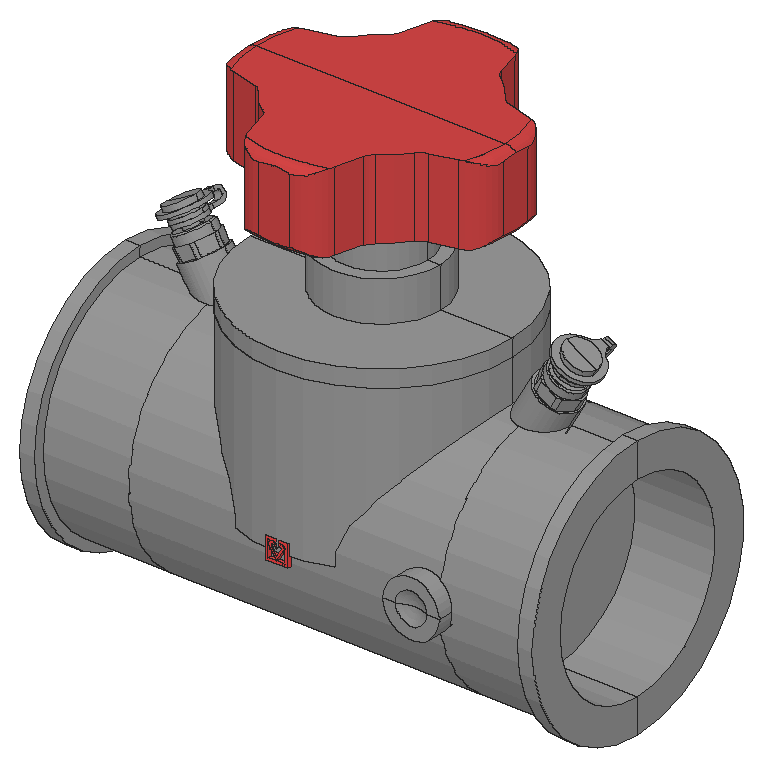
Revit family "Strangregulierventil für Differenzdruckmessung, Geradsitzform 4217 GM", category Rohrzubehör, Revit 2019
Family settings
  Bemaßung runder Anschluss = Durchmesser verwenden
  Teiletyp = Unterbricht
  OmniClass-Nummer = 23.65.55.14
  OmniClass-Titel = Valves for Liquid Services
  Arbeitsebenenbasiert = Nein
  Immer vertikal = Ja
  Beim Laden mit Abzugskörper schneiden = Nein
  Gemeinsam genutzt = Nein
Parameters
  kvs-Wert [instance] = if(Nennweite = 15.00 mm, 6.05, if(Nennweite = 20.00 mm, 6.11, if(Nennweite = 25.00 mm, 9.22, if(Nennweite = 32.00 mm, 18.83, if(Nennweite = 40.00 mm, 23.29, if(Nennweite = 50.00 mm, 35.26, if(Nennweite = 65.00 mm, 52.11, if(Nennweite = 80.00 mm, 76.1, 0))))))))  # 76.1
  W02 = 60.00°  # constant formula
  W01 = 30.00°  # constant formula
  URL = "www.herz-armaturen.at"
  SC_NennweiteBerechnet = 0
  SC_Dimension = ""
  SCRNSEQ = "ARM;ARM_TYP=\"STRV\";2"
  SCRNCODE = "05;07;02"  # constant formula
  S02 = 60.00 mm  # constant formula
  S01 [instance] = H00 + H01  # 119.31 mm
  R01 [instance] = size_lookup("4217_GM_", "R1", 1.00 mm, Nennweite)  # 53.00 mm
  Nennweite [instance] = 80.00 mm
  Medium = "Heizwasserqualität entsprechend ÖNORM H 5195 bzw. VDI-Richtlinie 2035.\r\nDie Verwendung von Ethylen- und Propylenglykol ist im Mischungsverhältnis 25 - 50 Vol. % zulässig."
  Max. Betriebstemperatur (bis DN32) = 130 °C  # constant formula
  Max. Betriebstemperatur (ab DN40) = 110 °C  # constant formula
  Max. Betriebsdruck = 1600000.0 Pa  # constant formula
  ML02 [instance] = size_lookup("4217_GM_", "ML2", 1.00 mm, Nennweite)  # 70.50 mm
  ML01 [instance] = size_lookup("4217_GM_", "ML1", 1.00 mm, Nennweite)  # 37.35 mm
  MD01 = 9.50 mm  # constant formula
  L02 [instance] = size_lookup("4217_GM_", "L2", 1.00 mm, Nennweite)  # 6.00 mm
  L01 [instance] = size_lookup("4217_GM_", "L1", 1.00 mm, Nennweite)  # 41.30 mm
  L00 [instance] = size_lookup("4217_GM_", "L", 1.00 mm, Nennweite)  # 210.00 mm
  IG [instance] = Nennweite / 2  # 40.00 mm
  Hersteller = "HERZ Armaturen Ges.m.b.H."  # constant formula
  H04 [instance] = size_lookup("4217_GM_", "H4", 1.00 mm, Nennweite)  # 19.00 mm
  H03 = 10.00 mm  # constant formula
  H02 [instance] = size_lookup("4217_GM_", "H2", 1.00 mm, Nennweite)  # 7.00 mm
  H01 [instance] = size_lookup("4217_GM_", "H1", 1.00 mm, Nennweite)  # 52.60 mm
  H00 [instance] = size_lookup("4217_GM_", "H", 1.00 mm, Nennweite)  # 66.71 mm
  Gewicht [instance] = if(Nennweite = 15.00 mm, "0.85 kg", if(Nennweite = 20.00 mm, "1.22 kg", if(Nennweite = 25.00 mm, "1.55 kg", if(Nennweite = 32.00 mm, "1.88 kg", if(Nennweite = 40.00 mm, "2.34 kg", if(Nennweite = 50.00 mm, "3.74 kg", if(Nennweite = 65.00 mm, "5.23 kg", if(Nennweite = 80.00 mm, "6.97 kg", "0 kg"))))))))  # "6.97 kg"
  Gehäuse = "DZR-Messing"  # constant formula
  GT [instance] = size_lookup("4217_GM_", "GT", 1.00 mm, Nennweite)  # 33.30 mm
  Einbaulage = "Bedingt durch die senkrecht zur Ventilachse angeordnete, nichtsteigende Ventilspindel ist für jede Einbaulage optimale Zugängigkeit und Bedienbarkeit des Ventils gewährleistet."
  Differenzdruckmessung = "STRÖMAX-GM Strangregulierventil ist mit zwei Messventilen ausgestattet.\r\nBei Verwendung eines geeigneten Messgerätes kann der Differenzdruck gemessen und dadurch die jeweilige Durchflussmenge in Abhängigkeit der Einstellstufe ermittelt werden.\r\nAm HERZ-Messcomputer (1 8900 05) ist außerdem direkt die jeweilige Durchflussmenge ablesbar."
  DN80 [instance] = Nennweite = 80.00 mm  # yes
  DN65 [instance] = Nennweite = 65.00 mm  # no
  DN50_DN80 [instance] = or(Nennweite = 50.00 mm, Nennweite = 65.00 mm, Nennweite = 80.00 mm)  # yes
  DN50-DN80 [instance] = H00 + H01  # 119.31 mm
  DN50 [instance] = Nennweite = 50.00 mm  # no
  DN40 [instance] = Nennweite = 40.00 mm  # no
  DN32 [instance] = Nennweite = 32.00 mm  # no
  DN25 [instance] = Nennweite = 25.00 mm  # no
  DN20 [instance] = Nennweite = 20.00 mm  # no
  DN15_DN40 [instance] = or(Nennweite = 15.00 mm, Nennweite = 20.00 mm, Nennweite = 25.00 mm, Nennweite = 32.00 mm, Nennweite = 40.00 mm)  # no
  DN15-DN40 [instance] = H00 + H01  # 119.31 mm
  DN15 [instance] = Nennweite = 15.00 mm  # no
  D06 [instance] = size_lookup("4217_GM_", "D6", 1.00 mm, Nennweite)  # 24.30 mm
  D05 [instance] = size_lookup("4217_GM_", "D5", 1.00 mm, Nennweite)  # 19.00 mm
  D04 = 9.00 mm  # constant formula
  D03 [instance] = size_lookup("4217_GM_", "D3", 1.00 mm, Nennweite)  # 53.80 mm
  D02 [instance] = size_lookup("4217_GM_", "D2", 1.00 mm, Nennweite)  # 54.00 mm
  D01 [instance] = size_lookup("4217_GM_", "D1", 1.00 mm, Nennweite)  # 50.00 mm
  Bestellnummer [instance] = size_lookup("4217_GM_", "Artnr", 0, Nennweite)  # 1421708
  Ausführung = "STRÖMAX-GM Strangregulierventil mit Messventilen, 1/2′′ – 3′′\r\nGeradesitzform, gelbe Ausführung, Muffe x Muffe, nichtsteigende Spindel, Spindelabdichtung durch Doppel-O-Ring,Voreinstellung durch Hubbegrenzung mittels Innenspindel, digitale Anzeige der Voreinstellstufe im Handradfenster.\r\n2 Messventile sind neben dem Handrad montiert."
  Anwendungen = "Zum hydraulischen Abgleich in Heiz- oder Kühlanlagen, Einregulieren von Verteilleitungen, Strängen, Wärmetauschern, Heiz- und Kühlregistern."
Reference planes
  plane 1 "Mitte (Vorne/hinten)": y = 0
  plane 2: z = 0
  plane 3 "Mitte (Links/rechts)": x = 0
Forms (mm)
  Revolve 1, solid, material "Messing, weicher Gelbton, geschweißt", detail levels fine
    sketch origin (0, 0, 0) x (1, 0, 0) y (0, 0, 1)
      loop
        line (-105, 54) -> (-105, 40) -> (-71.7, 40) -> (-71.7, 0) -> (71.7, 0) -> (71.7, 40) -> (105, 40) -> (105, 54) -> (99, 54) -> (99, 50) -> (63.7, 50)
        arc (63.7, 50) -> (0, 53) -> (-63.7, 50) r 677.782
        line (-63.7, 50) -> (-99, 50) -> (-99, 54) -> (-105, 54)
      axis (-105, 0) -> (105, 0)
    angle from 0 to 360
  Revolve 2, solid, material "Messing, weicher Gelbton, geschweißt", detail levels fine
    sketch origin (0, 0, 0) x (1, 0, 0) y (0, 0, 1)
      loop
        line (37.35, 0) -> (72.6, 61.055) -> (64.373, 65.805) -> (29.123, 4.75) -> (37.35, 0)
      axis (37.35, 0) -> (72.6, 61.055)
    angle from 0 to 360
  Revolve 3, solid, material "Messing, weicher Gelbton, geschweißt", detail levels fine
    sketch origin (0, 0, 0) x (1, 0, 0) y (0, 0, 1)
      loop
        line (0, 0) -> (0, 66.71) -> (-53.8, 66.71) -> (-53.8, 0) -> (0, 0)
      axis (0, 66.71) -> (0, 0)
    angle from 0 to 360
  Revolve 4, solid, material "Messing, weicher Gelbton, geschweißt", detail levels fine
    sketch origin (0, 0, 0) x (-1, 0, 0) y (0, 0, 1)
      loop
        line (37.35, 0) -> (72.6, 61.055) -> (64.373, 65.805) -> (29.123, 4.75) -> (37.35, 0)
      axis (37.35, 0) -> (72.6, 61.055)
    angle from 0 to 360
  Revolve 5, solid, material "Messing, weicher Gelbton, geschweißt", visible <- "DN65", detail levels fine
    sketch origin (0, 0, 0) x (1, 0, 0) y (0, 1, 0)
      loop
        line (60, 47.945) -> (60, -47.945)
        arc (60, -47.945) -> (63.368, -48.598) -> (66.5, -50) r 15
        line (66.5, -50) -> (71.5, -50) -> (71.5, 50) -> (66.5, 50)
        arc (66.5, 50) -> (63.368, 48.598) -> (60, 47.945) r 15
      axis (60, 50) -> (60, -50)
    angle from 0 to 360
  Revolve 6, solid, material "Messing, weicher Gelbton, geschweißt", detail levels fine
    sketch origin (0, 0, 0) x (1, 0, 0) y (0, 0, 1)
      loop
        line (0, 66.71) -> (0, 119.31) -> (-9, 119.31) -> (-9, 109.31) -> (-19, 109.31) -> (-19, 90.31) -> (-24.3, 90.31) -> (-24.3, 73.71) -> (-53.8, 73.71) -> (-53.8, 66.71) -> (0, 66.71)
      axis (0, 119.31) -> (0, 66.71)
    angle from 0 to 360
  Revolve 7, solid, material "Messing, weicher Gelbton, geschweißt", visible <- "DN80", detail levels fine
    sketch origin (0, 0, 0) x (1, 0, 0) y (0, 1, 0)
      loop
        line (57, 53.945) -> (57, -53.945)
        arc (57, -53.945) -> (60.368, -54.598) -> (63.5, -56) r 15
        line (63.5, -56) -> (68.5, -56) -> (68.5, 56) -> (63.5, 56)
        arc (63.5, 56) -> (60.368, 54.598) -> (57, 53.945) r 15
      axis (57, 56) -> (57, -56)
    angle from 0 to 360
Lines and regions (mm)
  model lines, detail levels coarse+medium
    curve 1: line (-105, 0, 54) -> (-105, 0, -54)
    curve 2: line (-105, 0, -54) -> (105, 0, 54)
    curve 3: line (105, 0, 54) -> (105, 0, -54)
    curve 4: line (105, 0, -54) -> (-105, 0, 54)
    curve 5: line (0, 0, 0) -> (68.884, 0, 119.31)
    curve 6: line (42.903, 0, 134.31) -> (94.864, 0, 104.31)
    curve 7: line (-105, 54, 0) -> (-105, -54, 0)
    curve 8: line (-105, -54, 0) -> (105, 54, 0)
    curve 9: line (105, 54, 0) -> (105, -54, 0)
    curve 10: line (105, -54, 0) -> (-105, 54, 0)
    curve 11: line (0, 0, 0) -> (68.884, 119.31, 0)
    curve 12: line (42.903, 134.31, 0) -> (94.864, 104.31, 0)
Dimensions and locks
  "IG": Revolve 1 sketch curve to plane 2
  "GT": Revolve 1 sketch curve to Revolve 1 sketch curve  (x2)
  "IG": Revolve 1 sketch curve to Revolve 1 sketch curve
  "D01": Revolve 1 sketch curve to Revolve 1 sketch curve  (x2)
  "R01": Revolve 1 sketch curve to Revolve 1 sketch curve
  "L02": Revolve 1 sketch curve to Revolve 1 sketch curve  (x2)
  "L01": Revolve 1 sketch curve to Revolve 1 sketch curve  (x2)
  "D02": Revolve 1 sketch curve to plane 2  (x2)
  equal spacing: Revolve 1 sketch curve, plane 3 "Mitte (Links/rechts)", Revolve 1 sketch curve
  "L00": Revolve 1 sketch curve to Revolve 1 sketch curve
  "R01": nested 1 to plane 1 "Mitte (Vorne/hinten)"
  "ML01": Revolve 2 sketch curve to plane 3 "Mitte (Links/rechts)"
  "H00": Revolve 3 sketch curve to plane 2
  "D03": Revolve 3 sketch curve to Revolve 3 sketch curve
  "ML02": Revolve 2 sketch curve to Revolve 2 sketch curve
  "MD01": Revolve 2 sketch curve to Revolve 2 sketch curve  (x2)
  "ML02": Revolve 4 sketch curve to Revolve 4 sketch curve
  "MD01": Revolve 4 sketch curve to Revolve 4 sketch curve  (x2)
  "ML01": plane 3 "Mitte (Links/rechts)" to Revolve 4 sketch curve
  Revolve 5 sketch curve to Revolve 1 = 45.00 mm
  Revolve 5 sketch curve to Revolve 5 sketch curve = 11.50 mm  (x2)
  Revolve 5 sketch curve to plane 1 "Mitte (Vorne/hinten)" to Revolve 5 sketch curve = 50.00 mm, 50.00 mm
  "H00": Revolve 6 sketch curve to plane 2
  "H01": Revolve 6 sketch curve to Revolve 6 sketch curve
  "D04": Revolve 6 sketch curve to Revolve 6 sketch curve
  "D03": Revolve 6 sketch curve to Revolve 6 sketch curve
  "D05": Revolve 6 sketch curve to Revolve 6 sketch curve
  "D06": Revolve 6 sketch curve to Revolve 6 sketch curve
  "H02": Revolve 6 sketch curve to Revolve 6 sketch curve
  "H03": Revolve 6 sketch curve to Revolve 6 sketch curve
  "H04": Revolve 6 sketch curve to Revolve 6 sketch curve
  Revolve 7 sketch curve to Revolve 1 = 48.00 mm
  Revolve 7 sketch curve to Revolve 7 sketch curve = 11.50 mm  (x2)
  Revolve 7 sketch curve to plane 1 "Mitte (Vorne/hinten)" to Revolve 7 sketch curve = 56.00 mm, 56.00 mm
  "DN15-DN40": nested 2 to plane 2
  "DN50-DN80": nested 3 to plane 2
  "D02": curve 4 to plane 2 to curve 2
  "D02": curve 3 to plane 2 to curve 4
  equal spacing: curve 1, plane 3 "Mitte (Links/rechts)", curve 3
  "L00": curve 1 to curve 3
  equal spacing: Revolve 1, curve 5, Revolve 1
  "S01": curve 5 to plane 2
  equal spacing: curve 6, curve 5, curve 6
  "S02": curve 6 to curve 6
  "D02": curve 8 to plane 1 "Mitte (Vorne/hinten)" to curve 10
  "D02": curve 10 to plane 1 "Mitte (Vorne/hinten)" to curve 9
  equal spacing: curve 7, plane 3 "Mitte (Links/rechts)", curve 9
  "L00": curve 7 to curve 9
  equal spacing: curve 7, curve 11, curve 9
  "S01": plane 1 "Mitte (Vorne/hinten)" to curve 11
  equal spacing: curve 12, curve 11, curve 12
  "S02": curve 12 to curve 12
  radius of Revolve 5 sketch curve = 15.00 mm  (x2)
  radius of Revolve 7 sketch curve = 15.00 mm  (x2)
  "W01": angle Revolve 2 sketch curve to plane 3 "Mitte (Links/rechts)"  (x2)
  "W01": angle plane 3 "Mitte (Links/rechts)" to Revolve 4 sketch curve  (x2)
  "W02": angle plane 2 to curve 5
  "W02": angle plane 1 "Mitte (Vorne/hinten)" to curve 11
  aligned and locked: level to plane 2
Automatic sketch dimensions
  Revolve 5 sketch curve to Revolve 5 sketch curve = 1.153 mm  (x2)
  Revolve 5 sketch curve to Revolve 5 sketch curve = 5.00 mm  (x2)
  Revolve 5 sketch curve to Revolve 5 sketch curve = 2.854 mm  (x2)
  Revolve 7 sketch curve to Revolve 7 sketch curve = 1.153 mm  (x2)
  Revolve 7 sketch curve to Revolve 7 sketch curve = 5.00 mm  (x2)
  Revolve 7 sketch curve to Revolve 7 sketch curve = 8.854 mm  (x2)
  Revolve 1 sketch curve to level = 0.00 mm  (x2)
  Revolve 1 sketch curve to Revolve 1 sketch curve = 1429.986 mm
  Revolve 1 sketch curve to Revolve 1 sketch curve = 1762.604 mm
  Revolve 2 sketch curve to level = 0.00 mm  (x2)
  Revolve 3 sketch curve to level = 0.00 mm
  Revolve 3 sketch curve to plane 3 "Mitte (Links/rechts)" = 0.00 mm  (x2)
  Revolve 3 sketch curve to Revolve 3 sketch curve = 366.045 mm
  Revolve 3 sketch curve to Revolve 3 sketch curve = 2179.415 mm
  Revolve 4 sketch curve to level = 0.00 mm  (x2)
  Revolve 6 sketch curve to plane 3 "Mitte (Links/rechts)" = 0.00 mm  (x2)
  Revolve 6 sketch curve to level = 366.045 mm
  Revolve 6 sketch curve to Revolve 6 sketch curve = 2146.115 mm
Nested families
  nested 1: "Herz-Logo-vorne" at (0, -53, 0) x (0, 1, 0) z (0, 0, 1), type "Herz-Logo-vorne", detail levels fine
  nested 2: "Strangregulierventil-Handrad-Gerade (Rot) DN15-DN40" at (0, 0, 119.31), visible <- "DN15_DN40", type "Strangregulierventil-Handrad-Gerade (Rot) DN15-DN40", detail levels fine
    with Nennweite 0.00 mm, Gewicht 0.00 kg, Bestellnummer 0
  nested 3: "Strangregulierventil-Handrad-Gerade (Rot) DN50-DN80" at (0, 0, 119.31), visible <- "DN50_DN80", type "Strangregulierventil-Handrad-Gerade (Rot) DN50-DN80", detail levels fine
    with Nennweite 0.00 mm, Gewicht 0.00 kg, Bestellnummer 0
  nested 4: "Messstutzen_Band_Austritt_30Grad_(oben)" at (47.24, 0, 34.901), visible <- "DN50", type "Messstutzen_Band_Austritt_30Grad_(oben)", detail levels fine
    with Schutzkappe yes, Nennweite 0.00 mm, Gewicht 0.00 kg, Bestellnummer 0
  nested 5: "Messstutzen_Band_Eintritt_30Grad_(oben)" at (-47.24, 0, 34.901) x (-1, 0, 0) z (0, 0, 1), visible <- "DN50", type "Messstutzen_Band_Eintritt_30Grad_(oben)", detail levels fine
    with Schutzkappe yes, Nennweite 0.00 mm, Gewicht 0.00 kg, Bestellnummer 0
  nested 6: "Messstutzen_Band_Austritt_30Grad_(oben)" at (27.02, 0, 10.999), visible <- "DN15", type "Messstutzen_Band_Austritt_30Grad_(oben)", detail levels fine
    with Schutzkappe yes, Nennweite 0.00 mm, Gewicht 0.00 kg, Bestellnummer 0
  nested 7: "Messstutzen_Band_Eintritt_30Grad_(oben)" at (-27.02, 0, 10.999) x (-1, 0, 0) z (0, 0, 1), visible <- "DN15", type "Messstutzen_Band_Eintritt_30Grad_(oben)", detail levels fine
    with Schutzkappe yes, Nennweite 0.00 mm, Gewicht 0.00 kg, Bestellnummer 0
  nested 8: "Messstutzen_Band_Eintritt_30Grad_(oben)" at (-24.855, 0, 13.553) x (-1, 0, 0) z (0, 0, 1), visible <- "DN20", type "Messstutzen_Band_Eintritt_30Grad_(oben)", detail levels fine
    with Schutzkappe yes, Nennweite 0.00 mm, Gewicht 0.00 kg, Bestellnummer 0
  nested 9: "Messstutzen_Band_Austritt_30Grad_(oben)" at (24.855, 0, 13.553), visible <- "DN20", type "Messstutzen_Band_Austritt_30Grad_(oben)", detail levels fine
    with Schutzkappe yes, Nennweite 0.00 mm, Gewicht 0.00 kg, Bestellnummer 0
  nested 10: "Messstutzen_Band_Eintritt_30Grad_(oben)" at (-29.265, 0, 17.883) x (-1, 0, 0) z (0, 0, 1), visible <- "DN25", type "Messstutzen_Band_Eintritt_30Grad_(oben)", detail levels fine
    with Schutzkappe yes, Nennweite 0.00 mm, Gewicht 0.00 kg, Bestellnummer 0
  nested 11: "Messstutzen_Band_Austritt_30Grad_(oben)" at (29.265, 0, 17.883), visible <- "DN25", type "Messstutzen_Band_Austritt_30Grad_(oben)", detail levels fine
    with Schutzkappe yes, Nennweite 0.00 mm, Gewicht 0.00 kg, Bestellnummer 0
  nested 12: "Messstutzen_Band_Eintritt_30Grad_(oben)" at (-37.74, 0, 24.595) x (-1, 0, 0) z (0, 0, 1), visible <- "DN32", type "Messstutzen_Band_Eintritt_30Grad_(oben)", detail levels fine
    with Schutzkappe yes, Nennweite 0.00 mm, Gewicht 0.00 kg, Bestellnummer 0
  nested 13: "Messstutzen_Band_Austritt_30Grad_(oben)" at (37.74, 0, 24.595), visible <- "DN32", type "Messstutzen_Band_Austritt_30Grad_(oben)", detail levels fine
    with Schutzkappe yes, Nennweite 0.00 mm, Gewicht 0.00 kg, Bestellnummer 0
  nested 14: "Messstutzen_Band_Eintritt_30Grad_(oben)" at (-42.8, 0, 28.665) x (-1, 0, 0) z (0, 0, 1), visible <- "DN40", type "Messstutzen_Band_Eintritt_30Grad_(oben)", detail levels fine
    with Schutzkappe yes, Nennweite 0.00 mm, Gewicht 0.00 kg, Bestellnummer 0
  nested 15: "Messstutzen_Band_Austritt_30Grad_(oben)" at (42.8, 0, 28.665), visible <- "DN40", type "Messstutzen_Band_Austritt_30Grad_(oben)", detail levels fine
    with Schutzkappe yes, Nennweite 0.00 mm, Gewicht 0.00 kg, Bestellnummer 0
  nested 16: "Messstutzen_Band_Eintritt_30Grad_(oben)" at (-54.5, 0, 38.105) x (-1, 0, 0) z (0, 0, 1), visible <- "DN65", type "Messstutzen_Band_Eintritt_30Grad_(oben)", detail levels fine
    with Schutzkappe yes, Nennweite 0.00 mm, Gewicht 0.00 kg, Bestellnummer 0
  nested 17: "Messstutzen_Band_Austritt_30Grad_(oben)" at (54.5, 0, 38.105), visible <- "DN65", type "Messstutzen_Band_Austritt_30Grad_(oben)", detail levels fine
    with Schutzkappe yes, Nennweite 0.00 mm, Gewicht 0.00 kg, Bestellnummer 0
  nested 18: "Messstutzen_Band_Eintritt_30Grad_(oben)" at (-63.85, 0, 45.899) x (-1, 0, 0) z (0, 0, 1), visible <- "DN80", type "Messstutzen_Band_Eintritt_30Grad_(oben)", detail levels fine
    with Schutzkappe yes, Nennweite 0.00 mm, Gewicht 0.00 kg, Bestellnummer 0
  nested 19: "Messstutzen_Band_Austritt_30Grad_(oben)" at (63.85, 0, 45.899), visible <- "DN80", type "Messstutzen_Band_Austritt_30Grad_(oben)", detail levels fine
    with Schutzkappe yes, Nennweite 0.00 mm, Gewicht 0.00 kg, Bestellnummer 0
Connectors
  piping at (-71.7, 0, 0), diameter 80, driven by "Nennweite"
    settings: on Revolve 1, index 1, connector inside diameter 609.6 mm, connector length 0.00 mm, flow factor 0, pipe flow 0.0 L/s, pressure drop 0.0 Pa, fitting loss kfactor 0, connector angle 0.00°, fixture units 0, engagement length 0.00 mm, angle of deflection 0.00°, flow configuration 0, flow direction 1, fitting loss method 0, system type 29, joint type 0, gender type 0, connector reference index -1, connector utility 0, adjustable connector no, is connector primary yes, connector description ""
  piping at (71.7, 0, 0), diameter 80, driven by "Nennweite"
    settings: on Revolve 1, index 2, connector inside diameter 609.6 mm, connector length 0.00 mm, flow factor 0, pipe flow 0.0 L/s, pressure drop 0.0 Pa, fitting loss kfactor 0, connector angle 0.00°, fixture units 0, engagement length 0.00 mm, angle of deflection 0.00°, flow configuration 0, flow direction 2, fitting loss method 0, system type 29, joint type 0, gender type 0, connector reference index -1, connector utility 0, adjustable connector no, is connector primary no, connector description ""
Definition of nested family "Herz-Logo-vorne"
  Reference planes
    plane 1 "Mitte (Vorne/hinten)": y = 0
    plane 2: z = 0
    plane 3 "Mitte (Links/rechts)": x = 0
  Forms (mm)
    Extrusion 1, solid
      sketch origin (0.732, -0.018, 0.017) x (0, -1, 0) y (0, 0, 1)
        loop
          line (-0.018, -4.517) -> (4.482, -4.517) -> (4.482, 4.483) -> (-4.518, 4.483) -> (-4.518, -4.517) -> (-0.018, -4.517)
        loop
          line (-0.05, -3.48) -> (3.482, -3.48) -> (3.482, 3.483) -> (-3.518, 3.483) -> (-3.518, -3.48) -> (-0.05, -3.48)
        loop
          arc (-0.018, 2.383) -> (-1.543, 3.287) -> (-3.067, 2.383) r 1.738
          arc (-3.067, 2.383) -> (-3.191, 1.899) -> (-3.067, 1.415) r 1.009
          line (-3.067, 1.415) -> (-0.018, -3.281) -> (3.032, 1.415)
          arc (3.032, 1.415) -> (3.156, 1.899) -> (3.032, 2.383) r 1.009
          arc (3.032, 2.383) -> (1.507, 3.287) -> (-0.018, 2.383) r 1.738
        loop
          arc (1.885, 1.272) -> (2.005, 1.675) -> (1.885, 2.079) r 0.74
          arc (1.885, 2.079) -> (1.265, 2.416) -> (0.644, 2.079) r 0.74
          line (0.644, 2.079) -> (-0.018, 0.97) -> (-0.679, 2.079)
          arc (-0.679, 2.079) -> (-1.3, 2.416) -> (-1.921, 2.079) r 0.74
          arc (-1.921, 2.079) -> (-2.04, 1.675) -> (-1.921, 1.272) r 0.74
          line (-1.921, 1.272) -> (-0.018, -1.658) -> (1.885, 1.272)
      from 0 to 1.5
  Dimensions and locks
    aligned and locked: level to plane 2
Definition of nested family "Strangregulierventil-Handrad-Gerade (Rot) DN15-DN40"
  Parameters (values of type "Strangregulierventil-Handrad-Gerade (Rot) DN15-DN40")
    URL = "www.herz-armaturen.at"
    Nennweite [instance] = 0.00 mm
    Manufacturer = "Herz Armaturen GmbH"  # constant formula
    Gewicht [instance] = 0.00 kg
    Bestellnummer [instance] = 0
  Reference planes
    plane 1 "Mitte (Vorne/hinten)": y = 0
    plane 2: z = 0
    plane 3 "Mitte (Links/rechts)": x = 0
  Forms (mm)
    Revolve 1, solid, detail levels fine
      sketch origin (0, 0, 0) x (1, 0, 0) y (0, 0, 1)
        loop
          line (0, 0) -> (0, 24.95) -> (-30.992, 24.95)
          arc (-30.992, 24.95) -> (-34.37, 23.636) -> (-35.973, 20.386) r 5
          line (-35.973, 20.386) -> (-37, 8.65) -> (-35.986, -2.936)
          arc (-35.986, -2.936) -> (-34.383, -6.186) -> (-31.005, -7.5) r 5
          line (-31.005, -7.5) -> (-15, -7.5) -> (-15, 0) -> (0, 0)
        axis (0, 24.95) -> (0, -7.5)
      angle from 0 to 360
    Extrusion 2, void
      sketch origin (0, 0, 20.3) x (1, 0, 0) y (0, 1, 0)
        loop
          line (3.861, 35.5) -> (-3.861, 35.5)
          arc (-3.861, 35.5) -> (-8.731, 33.847) -> (-11.589, 29.571) r 8
          line (-11.589, 29.571) -> (-13.284, 23.245)
          arc (-13.284, 23.245) -> (-13.982, 21.722) -> (-15.144, 20.516) r 5
          arc (-15.144, 20.516) -> (-18.031, 18.031) -> (-20.516, 15.144) r 25.5
          arc (-20.516, 15.144) -> (-21.722, 13.982) -> (-23.245, 13.284) r 5
          line (-23.245, 13.284) -> (-29.571, 11.589)
          arc (-29.571, 11.589) -> (-33.847, 8.731) -> (-35.5, 3.861) r 8
          line (-35.5, 3.861) -> (-35.5, -3.861)
          arc (-35.5, -3.861) -> (-33.847, -8.731) -> (-29.571, -11.589) r 8
          line (-29.571, -11.589) -> (-23.245, -13.284)
          arc (-23.245, -13.284) -> (-21.722, -13.982) -> (-20.516, -15.144) r 5
          arc (-20.516, -15.144) -> (-18.031, -18.031) -> (-15.144, -20.516) r 25.5
          arc (-15.144, -20.516) -> (-13.982, -21.722) -> (-13.284, -23.245) r 5
          line (-13.284, -23.245) -> (-11.589, -29.571)
          arc (-11.589, -29.571) -> (-8.731, -33.847) -> (-3.861, -35.5) r 8
          line (-3.861, -35.5) -> (3.861, -35.5)
          arc (3.861, -35.5) -> (8.731, -33.847) -> (11.589, -29.571) r 8
          line (11.589, -29.571) -> (13.284, -23.245)
          arc (13.284, -23.245) -> (13.982, -21.722) -> (15.144, -20.516) r 5
          arc (15.144, -20.516) -> (18.031, -18.031) -> (20.516, -15.144) r 25.5
          arc (20.516, -15.144) -> (21.722, -13.982) -> (23.245, -13.284) r 5
          line (23.245, -13.284) -> (29.571, -11.589)
          arc (29.571, -11.589) -> (33.847, -8.731) -> (35.5, -3.861) r 8
          line (35.5, -3.861) -> (35.5, 3.861)
          arc (35.5, 3.861) -> (33.847, 8.731) -> (29.571, 11.589) r 8
          line (29.571, 11.589) -> (23.245, 13.284)
          arc (23.245, 13.284) -> (21.722, 13.982) -> (20.516, 15.144) r 5
          arc (20.516, 15.144) -> (18.031, 18.031) -> (15.144, 20.516) r 25.5
          arc (15.144, 20.516) -> (13.982, 21.722) -> (13.284, 23.245) r 5
          line (13.284, 23.245) -> (11.589, 29.571)
          arc (11.589, 29.571) -> (8.731, 33.847) -> (3.861, 35.5) r 8
        loop
          circle (0, 0) r 38
      from -31.266 to 7.923
  Cuts and joins
    Extrusion 2 cuts Revolve 1
  Dimensions and locks
    Revolve 1 sketch curve to Revolve 1 sketch curve = 15.00 mm
    Revolve 1 sketch curve to Revolve 1 sketch curve = 16.15 mm
    Revolve 1 sketch curve to Revolve 1 sketch curve = 16.30 mm
    angle Revolve 1 sketch curve to Revolve 1 sketch curve = 95.00°
    aligned and locked: level to plane 2
Definition of nested family "Strangregulierventil-Handrad-Gerade (Rot) DN50-DN80"
  Parameters (values of type "Strangregulierventil-Handrad-Gerade (Rot) DN50-DN80")
    URL = "www.herz-armaturen.at"
    Nennweite [instance] = 0.00 mm
    Manufacturer = "Herz Armaturen GmbH"  # constant formula
    Gewicht [instance] = 0.00 kg
    Bestellnummer [instance] = 0
  Reference planes
    plane 1 "Mitte (Vorne/hinten)": y = 0
    plane 2: z = 0
    plane 3 "Mitte (Links/rechts)": x = 0
  Forms (mm)
    Revolve 1, solid, detail levels fine
      sketch origin (0, 0, 0) x (1, 0, 0) y (0, 0, 1)
        loop
          line (0, 0) -> (0, 24.95) -> (-50.992, 24.95)
          arc (-50.992, 24.95) -> (-54.37, 23.636) -> (-55.973, 20.386) r 5
          line (-55.973, 20.386) -> (-57, 8.65) -> (-55.986, -2.936)
          arc (-55.986, -2.936) -> (-54.383, -6.186) -> (-51.005, -7.5) r 5
          line (-51.005, -7.5) -> (-15, -7.5) -> (-15, 0) -> (0, 0)
        axis (0, 24.95) -> (0, -7.5)
      angle from 0 to 360
    Extrusion 2, void
      sketch origin (0, 0, 20.3) x (1, 0, 0) y (0, 1, 0)
        loop
          line (-55, 6.292) -> (-55, -6.292)
          arc (-55, -6.292) -> (-52.52, -13.597) -> (-46.106, -17.883) r 12
          line (-46.106, -17.883) -> (-35.399, -20.752)
          arc (-35.399, -20.752) -> (-33.541, -21.612) -> (-32.08, -23.047) r 6
          arc (-32.08, -23.047) -> (-27.931, -27.931) -> (-23.047, -32.08) r 39.5
          arc (-23.047, -32.08) -> (-21.612, -33.541) -> (-20.752, -35.399) r 6
          line (-20.752, -35.399) -> (-17.883, -46.106)
          arc (-17.883, -46.106) -> (-13.597, -52.52) -> (-6.292, -55) r 12
          line (-6.292, -55) -> (6.292, -55)
          arc (6.292, -55) -> (13.597, -52.52) -> (17.883, -46.106) r 12
          line (17.883, -46.106) -> (20.752, -35.399)
          arc (20.752, -35.399) -> (21.612, -33.541) -> (23.047, -32.08) r 6
          arc (23.047, -32.08) -> (27.931, -27.931) -> (32.08, -23.047) r 39.5
          arc (32.08, -23.047) -> (33.541, -21.612) -> (35.399, -20.752) r 6
          line (35.399, -20.752) -> (46.106, -17.883)
          arc (46.106, -17.883) -> (52.52, -13.597) -> (55, -6.292) r 12
          line (55, -6.292) -> (55, 6.292)
          arc (55, 6.292) -> (52.52, 13.597) -> (46.106, 17.883) r 12
          line (46.106, 17.883) -> (35.399, 20.752)
          arc (35.399, 20.752) -> (33.541, 21.612) -> (32.08, 23.047) r 6
          arc (32.08, 23.047) -> (27.931, 27.931) -> (23.047, 32.08) r 39.5
          arc (23.047, 32.08) -> (21.612, 33.541) -> (20.752, 35.399) r 6
          line (20.752, 35.399) -> (17.883, 46.106)
          arc (17.883, 46.106) -> (13.597, 52.52) -> (6.292, 55) r 12
          line (6.292, 55) -> (-6.292, 55)
          arc (-6.292, 55) -> (-13.597, 52.52) -> (-17.883, 46.106) r 12
          line (-17.883, 46.106) -> (-20.752, 35.399)
          arc (-20.752, 35.399) -> (-21.612, 33.541) -> (-23.047, 32.08) r 6
          arc (-23.047, 32.08) -> (-27.931, 27.931) -> (-32.08, 23.047) r 39.5
          arc (-32.08, 23.047) -> (-33.541, 21.612) -> (-35.399, 20.752) r 6
          line (-35.399, 20.752) -> (-46.106, 17.883)
          arc (-46.106, 17.883) -> (-52.52, 13.597) -> (-55, 6.292) r 12
        loop
          circle (0, 0) r 60
      from -31.161 to 7.489
  Cuts and joins
    Extrusion 2 cuts Revolve 1
  Dimensions and locks
    Revolve 1 sketch curve to Revolve 1 sketch curve = 15.00 mm
    Revolve 1 sketch curve to Revolve 1 sketch curve = 16.15 mm
    Revolve 1 sketch curve to Revolve 1 sketch curve = 16.30 mm
    Revolve 1 sketch curve to Revolve 1 sketch curve = 57.00 mm
    angle Revolve 1 sketch curve to Revolve 1 sketch curve = 95.00°
    aligned and locked: level to plane 2
Definition of nested family "Messstutzen_Band_Austritt_30Grad_(oben)"
  Parameters (values of type "Messstutzen_Band_Austritt_30Grad_(oben)")
    URL = "www.herz-armaturen.at"
    Schutzkappe [instance] = yes
    Nennweite [instance] = 0.00 mm
    Manufacturer = "Herz Armaturen GmbH"  # constant formula
    Gewicht [instance] = 0.00 kg
    Bestellnummer [instance] = 0
  Reference planes
    plane 1 "Mitte (Vorne/hinten)": y = 0
    plane 2: z = 0
    plane 3 "Mitte (Links/rechts)": x = 0
  Forms (mm)
    Revolve 1, solid, detail levels fine
      sketch origin (0, 0, 0) x (0.866025, 0, -0.5) y (0.5, 0, 0.866025)
        loop
          line (-7.4, 9) -> (-5.55, 9) -> (-5.55, 6)
          arc (-5.55, 6) -> (-5.626, 5.617) -> (-5.843, 5.293) r 1
          line (-5.843, 5.293) -> (-6.455, 4.681) -> (-6.455, 0.9) -> (-5.555, 0) -> (-2, 0) -> (-2, 17.5) -> (-8.4, 17.5)
          arc (-8.4, 17.5) -> (-7.693, 17.207) -> (-7.4, 16.5) r 1
          line (-7.4, 16.5) -> (-7.4, 9)
        loop
          line (-3.7, 27) -> (-7.3, 27) -> (-7.9, 26.4) -> (-7.9, 23) -> (-2, 23) -> (-2, 35.8) -> (-3.805, 35.8) -> (-4.415, 35.19) -> (-4.415, 30.863) -> (-3.7, 30.45) -> (-3.7, 27)
        axis (0, 0) -> (0, 35.8)
      angle from 0 to 360
    Extrusion 2, solid, detail levels fine
      sketch origin (8.75, 0, 15.155) x (0, 1, 0) y (-0.866025, 0, 0.5)
        loop
          arc (-7.07, 5.156) -> (-7.578, 4.375) -> (-8, 3.544) r 8.75
          line (-8, 3.544) -> (-8, -3.544)
          arc (-8, -3.544) -> (-7.578, -4.375) -> (-7.07, -5.156) r 8.75
          line (-7.07, -5.156) -> (-0.93, -8.7)
          arc (-0.93, -8.7) -> (0, -8.75) -> (0.93, -8.7) r 8.75
          line (0.93, -8.7) -> (7.07, -5.156)
          arc (7.07, -5.156) -> (7.578, -4.375) -> (8, -3.544) r 8.75
          line (8, -3.544) -> (8, 3.544)
          arc (8, 3.544) -> (7.578, 4.375) -> (7.07, 5.156) r 8.75
          line (7.07, 5.156) -> (0.93, 8.7)
          arc (0.93, 8.7) -> (0, 8.75) -> (-0.93, 8.7) r 8.75
          line (-0.93, 8.7) -> (-7.07, 5.156)
      from 0 to 5.5
    Revolve 3, solid, visible <- "Schutzkappe", detail levels fine
      sketch origin (0, 0, 0) x (0.866025, 0, -0.5) y (0.5, 0, 0.866025)
        loop
          line (0, 35.878) -> (0, 36.678) -> (-7, 36.678) -> (-7, 33.378) -> (-6.1, 33.378) -> (-6.1, 31.678) -> (-6.9, 31.678) -> (-6.9, 30.178) -> (-4.415, 30.178) -> (-4.415, 35.268) -> (-3.805, 35.878) -> (0, 35.878)
        axis (0, 30.178) -> (0, 36.678)
      angle from 0 to 360
    Extrusion 4, solid, detail levels fine
      sketch origin (14.25, 0, 24.682) x (0, 1, 0) y (0.866025, 0, -0.5)
        loop
          circle (0, 0) r 3.7
        loop
          arc (5.505, -3.906) -> (7.288, -2.358) -> (9.582, -1.8) r 5
          line (9.582, -1.8) -> (9.582, 1.8)
          arc (9.582, 1.8) -> (7.288, 2.358) -> (5.505, 3.906) r 5
          arc (5.505, 3.906) -> (-6.75, 0) -> (5.505, -3.906) r 6.75
      from 0 to -1.5
    Extrusion 5, solid, detail levels fine
      sketch origin (16.589, 0, 28.733) x (0, 1, 0) y (0.866025, 0, -0.5)
        loop
          circle (0, 0) r 6.1
        loop
          arc (8.652, -4.495) -> (10.493, -2.527) -> (13.089, -1.8) r 5
          line (13.089, -1.8) -> (13.089, 1.8)
          arc (13.089, 1.8) -> (10.493, 2.527) -> (8.652, 4.495) r 5
          arc (8.652, 4.495) -> (-9.75, 0) -> (8.652, -4.495) r 9.75
      from 0 to -1.5
    Sweep 6, solid, detail levels fine
      path origin (1.029, 0.159, 0.98) x (-0.5, 0, -0.866025) y (0, 1, 0)
        loop
          line (-27.75, 9.582) -> (-27.75, 14.522)
          arc (-27.75, 14.522) -> (-30.089, 16.862) -> (-32.428, 14.522) r 2.339
          line (-32.428, 14.522) -> (-32.428, 13.089)
      profile origin (14.904, 12.211, 25.012) x (0.5, 0, 0.866025) y (0.866025, 0, -0.5)
        loop
          line (-0.75, -1.8) -> (0.75, -1.8) -> (0.75, 1.8) -> (-0.75, 1.8) -> (-0.75, -1.8)
  Dimensions and locks
    aligned and locked: level to plane 2
Definition of nested family "Messstutzen_Band_Eintritt_30Grad_(oben)"
  Parameters (values of type "Messstutzen_Band_Eintritt_30Grad_(oben)")
    URL = "www.herz-armaturen.at"
    Schutzkappe [instance] = yes
    Nennweite [instance] = 0.00 mm
    Manufacturer = "Herz Armaturen GmbH"  # constant formula
    Gewicht [instance] = 0.00 kg
    Bestellnummer [instance] = 0
  Reference planes
    plane 1 "Mitte (Vorne/hinten)": y = 0
    plane 2: z = 0
    plane 3 "Mitte (Links/rechts)": x = 0
  Forms (mm)
    Revolve 1, solid, detail levels fine
      sketch origin (0, 0, 0) x (0.866025, 0, -0.5) y (0.5, 0, 0.866025)
        loop
          line (-7.4, 9) -> (-5.55, 9) -> (-5.55, 6)
          arc (-5.55, 6) -> (-5.626, 5.617) -> (-5.843, 5.293) r 1
          line (-5.843, 5.293) -> (-6.455, 4.681) -> (-6.455, 0.9) -> (-5.555, 0) -> (-2, 0) -> (-2, 17.5) -> (-8.4, 17.5)
          arc (-8.4, 17.5) -> (-7.693, 17.207) -> (-7.4, 16.5) r 1
          line (-7.4, 16.5) -> (-7.4, 9)
        loop
          line (-3.7, 27) -> (-7.3, 27) -> (-7.9, 26.4) -> (-7.9, 23) -> (-2, 23) -> (-2, 35.8) -> (-3.805, 35.8) -> (-4.415, 35.19) -> (-4.415, 30.863) -> (-3.7, 30.45) -> (-3.7, 27)
        axis (0, 0) -> (0, 35.8)
      angle from 0 to 360
    Extrusion 2, solid, detail levels fine
      sketch origin (8.75, 0, 15.155) x (0, 1, 0) y (-0.866025, 0, 0.5)
        loop
          arc (-7.07, 5.156) -> (-7.578, 4.375) -> (-8, 3.544) r 8.75
          line (-8, 3.544) -> (-8, -3.544)
          arc (-8, -3.544) -> (-7.578, -4.375) -> (-7.07, -5.156) r 8.75
          line (-7.07, -5.156) -> (-0.93, -8.7)
          arc (-0.93, -8.7) -> (0, -8.75) -> (0.93, -8.7) r 8.75
          line (0.93, -8.7) -> (7.07, -5.156)
          arc (7.07, -5.156) -> (7.578, -4.375) -> (8, -3.544) r 8.75
          line (8, -3.544) -> (8, 3.544)
          arc (8, 3.544) -> (7.578, 4.375) -> (7.07, 5.156) r 8.75
          line (7.07, 5.156) -> (0.93, 8.7)
          arc (0.93, 8.7) -> (0, 8.75) -> (-0.93, 8.7) r 8.75
          line (-0.93, 8.7) -> (-7.07, 5.156)
      from 0 to 5.5
    Revolve 3, solid, visible <- "Schutzkappe", detail levels fine
      sketch origin (0, 0, 0) x (0.866025, 0, -0.5) y (0.5, 0, 0.866025)
        loop
          line (0, 35.878) -> (0, 36.678) -> (-7, 36.678) -> (-7, 33.378) -> (-6.1, 33.378) -> (-6.1, 31.678) -> (-6.9, 31.678) -> (-6.9, 30.178) -> (-4.415, 30.178) -> (-4.415, 35.268) -> (-3.805, 35.878) -> (0, 35.878)
        axis (0, 30.178) -> (0, 36.678)
      angle from 0 to 360
    Extrusion 4, solid, detail levels fine
      sketch origin (14.25, 0, 24.682) x (0, 1, 0) y (0.866025, 0, -0.5)
        loop
          circle (0, 0) r 3.7
        loop
          arc (5.505, -3.906) -> (7.288, -2.358) -> (9.582, -1.8) r 5
          line (9.582, -1.8) -> (9.582, 1.8)
          arc (9.582, 1.8) -> (7.288, 2.358) -> (5.505, 3.906) r 5
          arc (5.505, 3.906) -> (-6.75, 0) -> (5.505, -3.906) r 6.75
      from 0 to -1.5
    Extrusion 5, solid, detail levels fine
      sketch origin (16.589, 0, 28.733) x (0, 1, 0) y (0.866025, 0, -0.5)
        loop
          circle (0, 0) r 6.1
        loop
          arc (8.652, -4.495) -> (10.493, -2.527) -> (13.089, -1.8) r 5
          line (13.089, -1.8) -> (13.089, 1.8)
          arc (13.089, 1.8) -> (10.493, 2.527) -> (8.652, 4.495) r 5
          arc (8.652, 4.495) -> (-9.75, 0) -> (8.652, -4.495) r 9.75
      from 0 to -1.5
    Sweep 6, solid, detail levels fine
      path origin (0.933, -0.183, 1.116) x (-0.5, 0, -0.866025) y (0, 1, 0)
        loop
          line (-27.75, 9.582) -> (-27.75, 14.522)
          arc (-27.75, 14.522) -> (-30.089, 16.862) -> (-32.428, 14.522) r 2.339
          line (-32.428, 14.522) -> (-32.428, 13.089)
      profile origin (14.808, 11.869, 25.148) x (0.5, 0, 0.866025) y (0.866025, 0, -0.5)
        loop
          line (-0.75, -1.8) -> (0.75, -1.8) -> (0.75, 1.8) -> (-0.75, 1.8) -> (-0.75, -1.8)
  Dimensions and locks
    aligned and locked: level to plane 2
